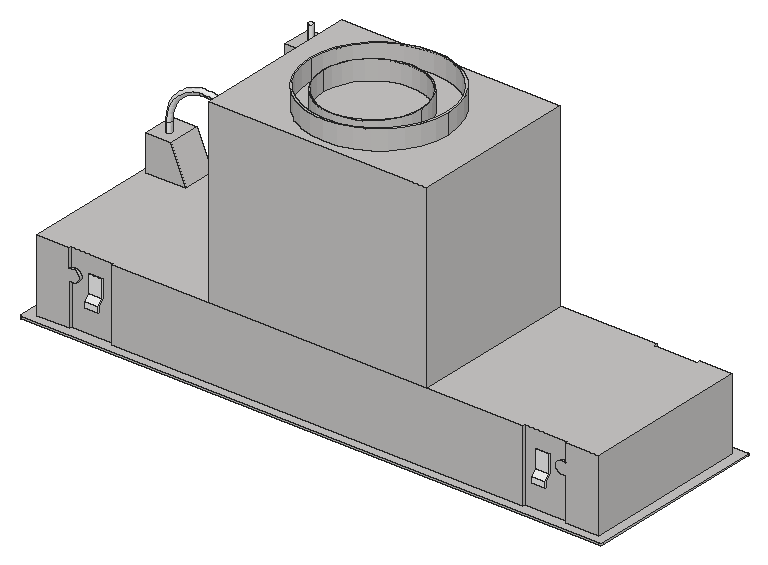
Revit family "FP_Revit_18_HPB3611-4_N_Rangehood_90000969B", category Specialty Equipment, Revit 2018
Family settings
  Round Connector Dimension = Use Diameter
  Part Type = Normal
  OmniClass Number = 23.40.40.00
  OmniClass Title = Food Service Equipment and Furnishings
  Work Plane-Based = No
  Always vertical = Yes
  Cut with Voids When Loaded = Yes
  Shared = No
  Room Calculation Point = No
Parameters
  Visibility - Clearance Required = yes
  URL = "www.fisherpaykel.com"
  Product - Width = 880 mm  # constant formula
  Product - Height = 412 mm  # constant formula
  Product - Depth = 280 mm  # constant formula
  Model = "HPB3611-4_N"
  Material - Glass = Fisher & Paykel - White Bezel
  Material - Body = Fisher & Paykel - Stainless Steel
  Manufacturer = "Fisher & Paykel Appliances"
  FFL Offset [instance] = 1565 mm
  Description = "36\" Integrated Insert Rangehood"
  Connector Description - Extraction = "210mm (8 1/4\") Outside diameter of ducting outlet, 400 CFM"
  Connector Description - Electrical = "120 V, 15 A, Fused electrical supply"
  Chassis - Width = 849 mm  # constant formula
  Chassis - Height = 380 mm  # constant formula
  Chassis - Depth = 252 mm  # constant formula
  Cavity - Width = 855 mm  # constant formula
  Cavity - Height = 390 mm  # constant formula
  Cavity - Depth = 255 mm  # constant formula
Reference planes
  plane 1 "Center (Front/Back)": y = 0
  plane 2: z = 0
  plane 3 "Center (Left/Right)": x = 0
  plane 4 "Product LHS": x = -440
  plane 5 "Product RHS": x = 440
  plane 6 "Product Front": y = -140
  plane 7 "Cavity LHS": x = -427.5
  plane 8 "Cavity RHS": x = 427.5
  plane 9 "Product Rear": y = 140
  plane 10 "Chassis LHS": x = -424.5
  plane 11 "Chassis RHS": x = 424.5
  plane 12 "Product - Height": z = 1974.5
  plane 13 "Chassis Front": y = -126
  plane 14 "Chassis Rear": y = 126
  plane 15 "Cavity Rear": y = 127.5
  plane 16 "Cavity Front": y = -127.5
  plane 17 "Cavity - Height": z = 1955
  plane 18 "FFL Offset": z = 1565
Forms (mm)
  Extrusion 1, solid, material "Fisher & Paykel - Stainless Steel" <- "Material - Body"
    sketch origin (0, 0, 0) x (1, 0, 0) y (0, 0, 1)
      loop
        line (-165, 1673.4) -> (165, 1673.4) -> (165, 1945) -> (-165, 1945) -> (-165, 1673.4)
    from -126 to 126
  Extrusion 2, solid, material "Fisher & Paykel - Stainless Steel" <- "Material - Body"
    sketch origin (0, 0, 0) x (1, 0, 0) y (0, 1, 0)
      loop
        circle (0.014, -10.004) r 104.998
      loop
        circle (0.014, -10.004) r 103
    from 1945 to 1974.5
  Extrusion 3, solid, material "Fisher & Paykel - Clearance Required", visible <- "Visibility - Clearance Required", detail levels coarse
    sketch origin (0, 0, 0) x (1, 0, 0) y (0, 1, 0)
      loop
        line (-427.5, 127.5) -> (-427.5, -127.5) -> (427.5, -127.5) -> (427.5, 127.5) -> (-427.5, 127.5)
    from 1565 to 1955
  Extrusion 4, solid, material "Fisher & Paykel - Clearance Required", visible <- "Visibility - Clearance Required", detail levels coarse
    sketch origin (0, 0, 0) x (1, 0, 0) y (0, 1, 0)
      loop
        circle (0.014, -10.004) r 110
    from 1955 to 1974.5
  Extrusion 5, void
    sketch origin (0, 0, 0) x (1, 0, 0) y (0, 1, 0)
      loop
        line (-427.5, 127.5) -> (-427.5, -127.5) -> (427.5, -127.5) -> (427.5, 127.5) -> (-427.5, 127.5)
    from 1565 to 1955
  Extrusion 6, void
    sketch origin (0, 0, 0) x (1, 0, 0) y (0, 1, 0)
      loop
        circle (0.014, -10.004) r 110
    from 1955 to 1974.5
  Extrusion 7, solid, material "Fisher & Paykel - Stainless Steel" <- "Material - Body"
    sketch origin (0, -13, 0) x (1, 0, 0) y (0, 1, 0)
      loop
        circle (0.014, -10.004) r 75
      loop
        circle (0.014, -10.004) r 74
    from 1945 to 1974.5
Text (mm)
  text "Due to ongoing product development, product details are subject to change without notice. \nPlease always refer to www.fisherpaykel.com for the most current product information. \n© Fisher & Paykel 2020" at (41.04, -1225.549, 0), in view "Ref. Level (Plan)"
Dimensions and locks
  equal spacing: plane 4 "Product LHS", plane 3 "Center (Left/Right)", plane 5 "Product RHS"
  "Product - Width": plane 4 "Product LHS" to plane 5 "Product RHS"
  equal spacing: plane 7 "Cavity LHS", plane 3 "Center (Left/Right)", plane 8 "Cavity RHS"
  "Cavity - Width": plane 7 "Cavity LHS" to plane 8 "Cavity RHS"
  equal spacing: plane 9 "Product Rear", plane 1 "Center (Front/Back)", plane 6 "Product Front"
  "Product - Depth": plane 9 "Product Rear" to plane 6 "Product Front"
  equal spacing: plane 10 "Chassis LHS", plane 3 "Center (Left/Right)", plane 11 "Chassis RHS"
  "Chassis - Width": plane 10 "Chassis LHS" to plane 11 "Chassis RHS"
  equal spacing: plane 14 "Chassis Rear", plane 1 "Center (Front/Back)", plane 13 "Chassis Front"
  "Chassis - Depth": plane 14 "Chassis Rear" to plane 13 "Chassis Front"
  equal spacing: plane 15 "Cavity Rear", plane 1 "Center (Front/Back)", plane 16 "Cavity Front"
  "Cavity - Depth": plane 15 "Cavity Rear" to plane 16 "Cavity Front"
  "FFL Offset": plane 18 "FFL Offset" to level
  locked: plane 12 "Product - Height" to plane 18 "FFL Offset" at 409.5
  "Cavity - Height": plane 17 "Cavity - Height" to plane 18 "FFL Offset"
  "Chassis - Height": Extrusion 1 to plane 18 "FFL Offset"
  locked: plane 18 "FFL Offset" to Extrusion 1 at 108.4
  locked: plane 18 "FFL Offset" to nested 1 at 2.5
  nested 1 to plane 12 "Product - Height" = 412 mm
  aligned and locked: level to plane 2
  aligned and locked: Extrusion 2 to plane 12 "Product - Height"
  aligned and locked: plane 14 "Chassis Rear" to Extrusion 1
  aligned and locked: Extrusion 1 to plane 13 "Chassis Front"
  aligned and locked: plane 8 "Cavity RHS" to Extrusion 3 sketch curve
  aligned and locked: plane 16 "Cavity Front" to Extrusion 3 sketch curve
  aligned and locked: Extrusion 3 sketch curve to plane 7 "Cavity LHS"
  aligned and locked: Extrusion 3 sketch curve to plane 15 "Cavity Rear"
  aligned and locked: Extrusion 3 to plane 17 "Cavity - Height"
  aligned and locked: Extrusion 4 to Extrusion 3
  aligned and locked: Extrusion 6 to Extrusion 5
  aligned and locked: Extrusion 2 to Extrusion 1
  aligned and locked: Extrusion 4 to Extrusion 2
  aligned and locked: plane 17 "Cavity - Height" to Extrusion 4
  aligned and locked: Extrusion 6 to Extrusion 3
  aligned and locked: Extrusion 6 to Extrusion 2
  aligned and locked: Extrusion 5 to Extrusion 3
  aligned and locked: Extrusion 5 to plane 18 "FFL Offset"
  aligned and locked: Extrusion 2 to Extrusion 7
  aligned and locked: Extrusion 7 to Extrusion 1
Automatic sketch dimensions
  plane 17 "Cavity - Height" to Extrusion 1 sketch curve = 10 mm
  Extrusion 1 sketch curve to plane 3 "Center (Left/Right)" = 165 mm
  plane 3 "Center (Left/Right)" to Extrusion 1 sketch curve = 165 mm
  plane 18 "FFL Offset" to Extrusion 1 sketch curve = 108.4 mm
  Extrusion 2 sketch curve to Extrusion 2 sketch curve = 0 mm  (x2)
  plane 3 "Center (Left/Right)" to Extrusion 2 sketch curve = 0.014 mm
  plane 1 "Center (Front/Back)" to Extrusion 2 sketch curve = 10.004 mm
  Extrusion 3 sketch curve to plane 8 "Cavity RHS" = 0 mm
  plane 3 "Center (Left/Right)" to Extrusion 4 sketch curve = 0.014 mm
  plane 1 "Center (Front/Back)" to Extrusion 4 sketch curve = 10.004 mm
  Extrusion 5 sketch curve to plane 7 "Cavity LHS" = 0 mm
  Extrusion 5 sketch curve to plane 8 "Cavity RHS" = 0 mm
  Extrusion 5 sketch curve to plane 16 "Cavity Front" = 0 mm
  Extrusion 5 sketch curve to plane 15 "Cavity Rear" = 0 mm
  plane 3 "Center (Left/Right)" to Extrusion 6 sketch curve = 0.014 mm
  plane 1 "Center (Front/Back)" to Extrusion 6 sketch curve = 10.004 mm
  Extrusion 7 sketch curve to Extrusion 7 sketch curve = 0 mm  (x2)
  plane 3 "Center (Left/Right)" to Extrusion 7 sketch curve = 0.014 mm
  plane 1 "Center (Front/Back)" to Extrusion 7 sketch curve = 23.004 mm
  radius of Extrusion 2 sketch curve = 104.998 mm
  radius of Extrusion 2 sketch curve = 103 mm
  radius of Extrusion 4 sketch curve = 110 mm
  radius of Extrusion 6 sketch curve = 110 mm
  radius of Extrusion 7 sketch curve = 75 mm
  radius of Extrusion 7 sketch curve = 74 mm
Nested families
  nested 1: "HPB3611-4" at (0, 0, 1565), type "HPB3611-4"
Connectors
  hvac at (0.014, -10.004, 1974.5), driven by "Connector Description - Extraction"
    settings: on Extrusion 2, index 2, duct flow 188.0 L/s, flow factor 0, pres drop 0.0 Pa, loss coef 0, conn angle 0.00°, conn width 304.8 mm, conn height 304.8 mm, conn diameter 210 mm, duct sys type 3, conn prof type 0, flow config 0, flow direction 2, loss method 0, conn ref index -1, conn util no, is conn primary yes, conn desc "210mm (8 1/4\") Outside diameter of ducting outlet, 400 CFM"
  electrical at (-185.55, 93, 1947.5), driven by "Connector Description - Electrical"
    settings: on nested 1, index 3, voltage 120 V, apparent load 0 VA, apparent load phase1 0 VA, apparent load phase2 0 VA, apparent load phase3 0 VA, power factor 1, load classification "Other", number of poles 1, system type 30, power factor state 1, is connector primary yes, connector utility no, sub classification motor no, connector description "120 V, 15 A, Fused electrical supply"
Definition of nested family "HPB3611-4"
  Parameters (values of type "HPB3611-4")
    Visibility - Clearance Required = yes
    URL = "www.fisherpaykel.com"
    Product - Width = 880 mm  # constant formula
    Product - Depth = 280 mm  # constant formula
    Model = "HPB 3611-4 N"
    Material - Glass = none
    Material - Body = none
    Manufacturer = ""
    Description = ""
    Chassis - Width = 849 mm  # constant formula
    Chassis - Depth = 252 mm  # constant formula
  Reference planes
    plane 1 "Center (Front/Back)": y = 0
    plane 2: z = 0
    plane 3 "Center (Left/Right)": x = 0
    plane 4 "Product LHS": x = -440
    plane 5 "Product RHS": x = 440
    plane 6 "Product Front": y = -140
    plane 7 "Product Rear": y = 140
    plane 8 "Chassis LHS": x = -424.5
    plane 9 "Chassis RHS": x = 424.5
    plane 10 "Chassis Front": y = -126
    plane 11 "Chassis Rear": y = 126
  Forms (mm)
    Extrusion 1, solid, material <- "Material - Body"
      sketch origin (0, 0, 0) x (1, 0, 0) y (0, 0, 1)
        loop
          line (-424.5, 0) -> (424.5, 0) -> (424.5, 108.4) -> (-424.5, 108.4) -> (-424.5, 0)
      from -126 to 126
    Extrusion 2, solid, material <- "Material - Body"
      sketch origin (0, 0, 0) x (1, 0, 0) y (0, 1, 0)
        loop
          line (436.5, 140) -> (-436.5, 140)
          arc (-436.5, 140) -> (-438.975, 138.975) -> (-440, 136.5) r 3.5
          line (-440, 136.5) -> (-440, -136.5)
          arc (-440, -136.5) -> (-438.975, -138.975) -> (-436.5, -140) r 3.5
          line (-436.5, -140) -> (436.5, -140)
          arc (436.5, -140) -> (438.975, -138.975) -> (440, -136.5) r 3.5
          line (440, -136.5) -> (440, 136.5)
          arc (440, 136.5) -> (438.975, 138.975) -> (436.5, 140) r 3.5
        loop
          line (420, 120) -> (-420, 120) -> (-420, -120) -> (420, -120) -> (420, 120)
      from -2.5 to 0
    Extrusion 3, void
      sketch origin (0, 0, 0) x (1, 0, 0) y (0, 0, 1)
        loop
          line (-375.67, 108.4) -> (-375.67, 81.59) -> (-368.92, 81.59)
          arc (-368.92, 81.59) -> (-359.92, 72.59) -> (-368.92, 63.59) r 9
          line (-368.92, 63.59) -> (-375.057, 63.59) -> (-375.057, 0) -> (-310.52, 0) -> (-310.52, 108.4) -> (-375.67, 108.4)
        loop
          line (375.67, 108.4) -> (310.52, 108.4) -> (310.52, 0) -> (375.057, 0) -> (375.057, 63.59) -> (368.92, 63.59)
          arc (368.92, 63.59) -> (359.92, 72.59) -> (368.92, 81.59) r 9
          line (368.92, 81.59) -> (375.67, 81.59) -> (375.67, 108.4)
      from 122 to 126
    Extrusion 4, void
      sketch origin (0, 0, 0) x (1, 0, 0) y (0, 0, -1)
        loop
          line (-375.67, -108.4) -> (-310.52, -108.4) -> (-310.52, 0) -> (-375.057, 0) -> (-375.057, -63.59) -> (-368.92, -63.59)
          arc (-368.92, -63.59) -> (-359.92, -72.59) -> (-368.92, -81.59) r 9
          line (-368.92, -81.59) -> (-375.67, -81.59) -> (-375.67, -108.4)
        loop
          line (375.67, -108.4) -> (375.67, -81.59) -> (368.92, -81.59)
          arc (368.92, -81.59) -> (359.92, -72.59) -> (368.92, -63.59) r 9
          line (368.92, -63.59) -> (375.057, -63.59) -> (375.057, 0) -> (310.52, 0) -> (310.52, -108.4) -> (375.67, -108.4)
      from 122 to 126
    Extrusion 5, solid, detail levels fine
      sketch origin (0, 0, 0) x (0, 1, 0) y (0, 0, 1)
        loop
          line (-131.082, 47.589) -> (-131.082, 39.32) -> (-129.882, 39.32) -> (-129.882, 47.095) -> (-122, 54.977) -> (-122, 82.186) -> (-123.2, 82.186) -> (-123.2, 55.471) -> (-131.082, 47.589)
      from -347.88 to -328
    Extrusion 6, void
      sketch origin (0, 0, 0) x (1, 0, 0) y (0, 0, 1)
        loop
          line (-420, -2.5) -> (420, -2.5) -> (420, 0) -> (377.4, 17.365) -> (-377.4, 17.365) -> (-420, 0) -> (-420, -2.5)
      from -120 to 120
    Extrusion 7, void
      sketch origin (0, 0, 0) x (0, 1, 0) y (0, 0, 1)
        loop
          line (120, 17.365) -> (106.782, 67.5) -> (-67.2, 67.5) -> (-67.2, 27) -> (-87.6, 27) -> (-87.6, 67.5) -> (-120, 67.5) -> (-120, 17.365) -> (120, 17.365)
      from -377.4 to 377.4
    Extrusion 8, solid, material <- "Material - Body", detail levels medium+fine
      sketch origin (0, 0, 0) x (1, 0, 0) y (0, 0, 1)
        loop
          line (351.267, 39.229) -> (325.673, 39.229) -> (325.673, 19.87) -> (351.267, 19.87) -> (351.267, 39.229)
        loop
          line (310.52, 39.229) -> (288.173, 39.229) -> (288.173, 19.87) -> (310.52, 19.87) -> (310.52, 39.229)
        loop
          line (276.267, 39.229) -> (250.673, 39.229) -> (250.673, 19.87) -> (276.267, 19.87) -> (276.267, 39.229)
        loop
          line (238.767, 39.229) -> (213.173, 39.229) -> (213.173, 19.87) -> (238.767, 19.87) -> (238.767, 39.229)
        loop
          line (201.267, 39.229) -> (175.673, 39.229) -> (175.673, 19.87) -> (201.267, 19.87) -> (201.267, 39.229)
        loop
          line (150.965, 39.229) -> (150.965, 19.87) -> (163.767, 19.87) -> (163.767, 39.229) -> (150.965, 39.229)
        loop
          line (150.585, 39.229) -> (137.793, 39.229) -> (137.793, 19.87) -> (150.585, 19.87) -> (150.585, 39.229)
        loop
          line (125.888, 39.229) -> (100.293, 39.229) -> (100.293, 19.87) -> (125.888, 19.87) -> (125.888, 39.229)
        loop
          line (88.388, 39.229) -> (62.793, 39.229) -> (62.793, 19.87) -> (88.388, 19.87) -> (88.388, 39.229)
        loop
          line (50.888, 39.229) -> (25.293, 39.229) -> (25.293, 19.87) -> (50.888, 19.87) -> (50.888, 39.229)
        loop
          line (12.797, 39.229) -> (-12.797, 39.229) -> (-12.797, 19.87) -> (12.797, 19.87) -> (12.797, 39.229)
        loop
          line (363.173, 39.229) -> (363.173, 19.87) -> (375.057, 19.87) -> (375.057, 39.229) -> (363.173, 39.229)
        loop
          line (-351.267, 39.229) -> (-351.267, 19.87) -> (-325.673, 19.87) -> (-325.673, 39.229) -> (-351.267, 39.229)
        loop
          line (-310.52, 39.229) -> (-310.52, 19.87) -> (-288.173, 19.87) -> (-288.173, 39.229) -> (-310.52, 39.229)
        loop
          line (-276.267, 39.229) -> (-276.267, 19.87) -> (-250.673, 19.87) -> (-250.673, 39.229) -> (-276.267, 39.229)
        loop
          line (-238.767, 39.229) -> (-238.767, 19.87) -> (-213.173, 19.87) -> (-213.173, 39.229) -> (-238.767, 39.229)
        loop
          line (-201.267, 39.229) -> (-201.267, 19.87) -> (-175.673, 19.87) -> (-175.673, 39.229) -> (-201.267, 39.229)
        loop
          line (-150.965, 39.229) -> (-163.767, 39.229) -> (-163.767, 19.87) -> (-150.965, 19.87) -> (-150.965, 39.229)
        loop
          line (-150.585, 39.229) -> (-150.585, 19.87) -> (-137.793, 19.87) -> (-137.793, 39.229) -> (-150.585, 39.229)
        loop
          line (-125.888, 39.229) -> (-125.888, 19.87) -> (-100.293, 19.87) -> (-100.293, 39.229) -> (-125.888, 39.229)
        loop
          line (-88.388, 39.229) -> (-88.388, 19.87) -> (-62.793, 19.87) -> (-62.793, 39.229) -> (-88.388, 39.229)
        loop
          line (-50.888, 39.229) -> (-50.888, 19.87) -> (-25.293, 19.87) -> (-25.293, 39.229) -> (-50.888, 39.229)
        loop
          line (-363.173, 39.229) -> (-375.057, 39.229) -> (-375.057, 19.87) -> (-363.173, 19.87) -> (-363.173, 39.229)
      from -97.693 to 67.2
    Extrusion 9, solid, material <- "Material - Body", detail levels medium+fine
      sketch origin (0, 0, 0) x (0, 1, 0) y (0, 0, 1)
        loop
          line (98.187, 39.229) -> (98.187, 19.333) -> (110.095, 16.053) -> (117.213, 19.87) -> (117.213, 25.663) -> (113.831, 39.229) -> (98.187, 39.229)
      from -375 to 375
    Extrusion 10, solid, material <- "Material - Body", detail levels fine
      sketch origin (0, 0, 0) x (1, 0, 0) y (0, 1, 0)
        loop
          circle (-263.124, 67.08) r 6
        loop
          circle (-263.124, -42.683) r 6
        loop
          circle (263.124, 67.08) r 6
        loop
          circle (263.124, -42.683) r 6
        loop
          circle (0, 67.08) r 6
        loop
          circle (0, -42.683) r 6
      from 13 to 19.87
    Extrusion 11, solid, material <- "Material - Body"
      sketch origin (0, 0, 0) x (1, 0, 0) y (0, 0, 1)
        loop
          line (-418.89, 108.4) -> (-357.99, 108.4) -> (-380.89, 161.6) -> (-418.89, 161.6) -> (-418.89, 108.4)
      from -122 to -72.477
    Extrusion 12, solid, material <- "Material - Body"
      sketch origin (0, 0, 0) x (1, 0, 0) y (0, 0, 1)
        loop
          line (-165, 357.5) -> (-206.1, 357.5) -> (-206.1, 237.5) -> (-165, 237.5) -> (-165, 357.5)
      from -115.5 to -70.5
    Sweep 13, solid, detail levels medium+fine
      path origin (0, 93, 0) x (1, 0, 0) y (0, 0, 1)
        loop
          line (-185.55, 382.5) -> (-185.55, 222.5)
          arc (-185.55, 222.5) -> (-230.405, 170.257) -> (-292.72, 199.55) r 56.86
          arc (-292.72, 199.55) -> (-355.583, 231.4) -> (-399.89, 176.6) r 56.042
          line (-399.89, 176.6) -> (-399.89, 161.6)
      profile origin (-185.55, 93, 302.5) x (0, -1, 0) y (1, 0, 0)
        loop
          circle (0, 0) r 4
    Extrusion 14, solid, detail levels fine
      sketch origin (0, 0, 0) x (0, 1, 0) y (0, 0, -1)
        loop
          line (-131.082, -47.589) -> (-123.2, -55.471) -> (-123.2, -82.186) -> (-122, -82.186) -> (-122, -54.977) -> (-129.882, -47.095) -> (-129.882, -39.32) -> (-131.082, -39.32) -> (-131.082, -47.589)
      from -347.88 to -328
    Extrusion 15, solid, detail levels fine
      sketch origin (0, 0, 0) x (0, -1, 0) y (0, 0, -1)
        loop
          line (-131.082, -47.589) -> (-123.2, -55.471) -> (-123.2, -82.186) -> (-122, -82.186) -> (-122, -54.977) -> (-129.882, -47.095) -> (-129.882, -39.32) -> (-131.082, -39.32) -> (-131.082, -47.589)
      from -347.88 to -328
    Extrusion 16, solid, detail levels fine
      sketch origin (0, 0, 0) x (0, -1, 0) y (0, 0, 1)
        loop
          line (-131.082, 47.589) -> (-131.082, 39.32) -> (-129.882, 39.32) -> (-129.882, 47.095) -> (-122, 54.977) -> (-122, 82.186) -> (-123.2, 82.186) -> (-123.2, 55.471) -> (-131.082, 47.589)
      from -347.88 to -328
    Extrusion 17, solid, material <- "Material - Glass", detail levels fine
      sketch origin (0, 0, 0) x (0, 1, 0) y (0, 0, 1)
        loop
          line (-120, 67.5) -> (-120, 27) -> (-87.6, 27) -> (-87.6, 67.5) -> (-120, 67.5)
      from -377.4 to 377.4
  Cuts and joins
    Extrusion 3, Extrusion 4, Extrusion 6, Extrusion 7 cuts Extrusion 1
    Extrusion 4 cuts Extrusion 2
  Text (mm)
    text "Due to ongoing product development, product details are subject to change without notice. \nPlease always refer to www.fisherpaykel.com for the most current product information. \n© Fisher & Paykel 2020" at (41.04, -1225.549, 0), in view "Ref. Level (Plan)"
  Dimensions and locks
    equal spacing: plane 4 "Product LHS", plane 3 "Center (Left/Right)", plane 5 "Product RHS"
    "Product - Width": plane 4 "Product LHS" to plane 5 "Product RHS"
    equal spacing: plane 7 "Product Rear", plane 1 "Center (Front/Back)", plane 6 "Product Front"
    "Product - Depth": plane 7 "Product Rear" to plane 6 "Product Front"
    equal spacing: plane 8 "Chassis LHS", plane 3 "Center (Left/Right)", plane 9 "Chassis RHS"
    "Chassis - Width": plane 8 "Chassis LHS" to plane 9 "Chassis RHS"
    Extrusion 8 to Extrusion 9 = 19.359 mm
    level to Extrusion 9 = 39.229 mm
    locked: level to cut or joined group of Extrusion 2, Extrusion 4 at 2.5
    cut or joined group of Extrusion 1, Extrusion 3, Extrusion 4, Extrusion 6, Extrusion 7 to level = 108.4 mm
    locked: Extrusion 11 to cut or joined group of Extrusion 1, Extrusion 3, Extrusion 4, Extrusion 6, Extrusion 7 at 53.2
    equal spacing: plane 11 "Chassis Rear", plane 1 "Center (Front/Back)", plane 10 "Chassis Front"
    "Chassis - Depth": plane 11 "Chassis Rear" to plane 10 "Chassis Front"
    aligned and locked: level to plane 2
    aligned and locked: plane 8 "Chassis LHS" to Extrusion 1 sketch curve
    aligned and locked: Extrusion 1 sketch curve to plane 9 "Chassis RHS"
    aligned and locked: level to Extrusion 1 sketch curve
    aligned and locked: plane 7 "Product Rear" to Extrusion 2 sketch curve
    aligned and locked: plane 4 "Product LHS" to Extrusion 2 sketch curve
    aligned and locked: Extrusion 2 sketch curve to plane 6 "Product Front"
    aligned and locked: Extrusion 2 sketch curve to plane 5 "Product RHS"
    aligned and locked: Extrusion 10 to Extrusion 8
    aligned and locked: Extrusion 1 to Extrusion 4
    aligned and locked: Extrusion 1 to Extrusion 3
    aligned and locked: plane 11 "Chassis Rear" to Extrusion 1
    aligned and locked: Extrusion 1 to plane 10 "Chassis Front"
    aligned and locked: Extrusion 1 to plane 8 "Chassis LHS"
    aligned and locked: plane 9 "Chassis RHS" to Extrusion 1
  Automatic sketch dimensions
    level to Extrusion 1 sketch curve = 108.4 mm
    Extrusion 3 sketch curve to level = 0 mm  (x2)
    plane 8 "Chassis LHS" to Extrusion 3 sketch curve = 48.83 mm
    plane 8 "Chassis LHS" to Extrusion 3 sketch curve = 49.443 mm
    Extrusion 3 sketch curve to Extrusion 3 sketch curve = 6.75 mm  (x2)
    Extrusion 3 sketch curve to Extrusion 3 sketch curve = 58.4 mm
    Extrusion 3 sketch curve to plane 9 "Chassis RHS" = 113.98 mm
    Extrusion 3 sketch curve to plane 9 "Chassis RHS" = 55.58 mm
    Extrusion 3 sketch curve to plane 9 "Chassis RHS" = 49.443 mm
    level to Extrusion 3 sketch curve = 63.59 mm  (x2)
    Extrusion 3 sketch curve to Extrusion 3 sketch curve = 9 mm  (x2)
    Extrusion 3 sketch curve to Extrusion 3 sketch curve = 26.81 mm  (x2)
    Extrusion 4 sketch curve to level = 0 mm  (x2)
    plane 8 "Chassis LHS" to Extrusion 4 sketch curve = 48.83 mm
    plane 8 "Chassis LHS" to Extrusion 4 sketch curve = 49.443 mm
    Extrusion 4 sketch curve to Extrusion 4 sketch curve = 6.75 mm  (x2)
    Extrusion 4 sketch curve to Extrusion 4 sketch curve = 58.4 mm
    Extrusion 4 sketch curve to plane 9 "Chassis RHS" = 113.98 mm
    Extrusion 4 sketch curve to plane 9 "Chassis RHS" = 55.58 mm
    Extrusion 4 sketch curve to plane 9 "Chassis RHS" = 49.443 mm
    level to Extrusion 4 sketch curve = 63.59 mm  (x2)
    Extrusion 4 sketch curve to Extrusion 4 sketch curve = 9 mm  (x2)
    Extrusion 4 sketch curve to Extrusion 4 sketch curve = 26.81 mm  (x2)
    Extrusion 5 sketch curve to Extrusion 5 sketch curve = 1.2 mm  (x2)
    plane 10 "Chassis Front" to Extrusion 5 sketch curve = 2.8 mm
    level to Extrusion 5 sketch curve = 39.32 mm
    Extrusion 5 sketch curve to Extrusion 5 sketch curve = 7.775 mm
    Extrusion 5 sketch curve to Extrusion 5 sketch curve = 0.494 mm  (x2)
    Extrusion 5 sketch curve to Extrusion 5 sketch curve = 7.882 mm
    Extrusion 5 sketch curve to Extrusion 5 sketch curve = 26.715 mm
    Extrusion 6 sketch curve to level = 0 mm  (x2)
    plane 8 "Chassis LHS" to Extrusion 6 sketch curve = 4.5 mm
    level to Extrusion 6 sketch curve = 17.365 mm
    Extrusion 6 sketch curve to Extrusion 6 sketch curve = 42.6 mm
    Extrusion 6 sketch curve to plane 9 "Chassis RHS" = 47.1 mm
    Extrusion 6 sketch curve to plane 9 "Chassis RHS" = 4.5 mm
    Extrusion 6 sketch curve to level = 2.5 mm
    level to Extrusion 8 sketch curve = 19.87 mm  (x4)
    plane 8 "Chassis LHS" to Extrusion 8 sketch curve = 49.443 mm
    Extrusion 8 sketch curve to Extrusion 8 sketch curve = 11.884 mm  (x2)
    Extrusion 8 sketch curve to Extrusion 8 sketch curve = 11.905 mm  (x16)
    Extrusion 8 sketch curve to Extrusion 8 sketch curve = 25.595 mm  (x13)
    Extrusion 8 sketch curve to Extrusion 8 sketch curve = 15.153 mm  (x2)
    Extrusion 8 sketch curve to Extrusion 8 sketch curve = 22.347 mm  (x2)
    Extrusion 8 sketch curve to Extrusion 8 sketch curve = 12.802 mm  (x2)
    Extrusion 8 sketch curve to Extrusion 8 sketch curve = 0.38 mm  (x2)
    Extrusion 8 sketch curve to Extrusion 8 sketch curve = 12.792 mm  (x2)
    Extrusion 8 sketch curve to plane 3 "Center (Left/Right)" = 25.293 mm
    Extrusion 8 sketch curve to Extrusion 8 sketch curve = 12.496 mm  (x2)
    plane 3 "Center (Left/Right)" to Extrusion 8 sketch curve = 12.797 mm
    Extrusion 8 sketch curve to Extrusion 8 sketch curve = 0 mm  (x38)
    Extrusion 8 sketch curve to Extrusion 8 sketch curve = 19.359 mm  (x4)
    Extrusion 9 sketch curve to plane 11 "Chassis Rear" = 27.813 mm
    Extrusion 9 sketch curve to Extrusion 9 sketch curve = 11.908 mm
    Extrusion 9 sketch curve to plane 11 "Chassis Rear" = 12.169 mm
    Extrusion 9 sketch curve to plane 11 "Chassis Rear" = 8.787 mm
    level to Extrusion 9 sketch curve = 16.053 mm
    Extrusion 9 sketch curve to Extrusion 9 sketch curve = 3.28 mm
    Extrusion 9 sketch curve to Extrusion 9 sketch curve = 3.817 mm
    Extrusion 9 sketch curve to Extrusion 9 sketch curve = 5.794 mm
    Extrusion 9 sketch curve to Extrusion 9 sketch curve = 13.565 mm
    Extrusion 10 sketch curve to plane 3 "Center (Left/Right)" = 0 mm  (x2)
    Extrusion 10 sketch curve to plane 11 "Chassis Rear" = 58.92 mm  (x3)
    plane 8 "Chassis LHS" to Extrusion 10 sketch curve = 161.376 mm
    plane 1 "Center (Front/Back)" to Extrusion 10 sketch curve = 42.683 mm  (x3)
    Extrusion 10 sketch curve to Extrusion 10 sketch curve = 0 mm  (x2)
    Extrusion 10 sketch curve to plane 9 "Chassis RHS" = 161.376 mm
    plane 8 "Chassis LHS" to Extrusion 11 sketch curve = 5.61 mm
    Extrusion 11 sketch curve to Extrusion 11 sketch curve = 38 mm
    Extrusion 11 sketch curve to Extrusion 11 sketch curve = 22.9 mm
    level to Extrusion 11 sketch curve = 108.4 mm
    Extrusion 11 sketch curve to Extrusion 11 sketch curve = 53.2 mm
    Extrusion 12 sketch curve to plane 3 "Center (Left/Right)" = 206.1 mm
    Extrusion 12 sketch curve to Extrusion 12 sketch curve = 41.1 mm
    Extrusion 12 sketch curve to Extrusion 12 sketch curve = 120 mm
    Sweep 13 sketch curve to profile plane = 0 mm
    profile plane to Sweep 13 sketch curve = 0 mm
    Extrusion 14 sketch curve to Extrusion 14 sketch curve = 1.2 mm  (x2)
    plane 10 "Chassis Front" to Extrusion 14 sketch curve = 2.8 mm
    level to Extrusion 14 sketch curve = 82.186 mm
    Extrusion 14 sketch curve to Extrusion 14 sketch curve = 26.715 mm
    Extrusion 14 sketch curve to Extrusion 14 sketch curve = 0.494 mm  (x2)
    Extrusion 14 sketch curve to Extrusion 14 sketch curve = 7.882 mm
    Extrusion 14 sketch curve to Extrusion 14 sketch curve = 7.775 mm
    Extrusion 15 sketch curve to Extrusion 15 sketch curve = 1.2 mm  (x2)
    plane 11 "Chassis Rear" to Extrusion 15 sketch curve = 2.8 mm
    Extrusion 15 sketch curve to level = 39.32 mm
    Extrusion 15 sketch curve to Extrusion 15 sketch curve = 7.775 mm
    Extrusion 15 sketch curve to Extrusion 15 sketch curve = 0.494 mm  (x2)
    Extrusion 15 sketch curve to Extrusion 15 sketch curve = 7.882 mm
    Extrusion 15 sketch curve to Extrusion 15 sketch curve = 26.715 mm
    Extrusion 16 sketch curve to Extrusion 16 sketch curve = 1.2 mm  (x2)
    Extrusion 16 sketch curve to plane 11 "Chassis Rear" = 2.8 mm
    level to Extrusion 16 sketch curve = 39.32 mm
    Extrusion 16 sketch curve to Extrusion 16 sketch curve = 7.775 mm
    Extrusion 16 sketch curve to Extrusion 16 sketch curve = 0.494 mm  (x2)
    Extrusion 16 sketch curve to Extrusion 16 sketch curve = 7.882 mm
    Extrusion 16 sketch curve to Extrusion 16 sketch curve = 26.715 mm
    plane 8 "Chassis LHS" to Sweep 13 sketch curve = 24.61 mm
    Sweep 13 sketch curve to Sweep 13 sketch curve = 56.042 mm
    Sweep 13 sketch curve to Sweep 13 sketch curve = 101.537 mm
    Sweep 13 sketch curve to Sweep 13 sketch curve = 56.761 mm
    level to Sweep 13 sketch curve = 176.6 mm
    Sweep 13 sketch curve to Sweep 13 sketch curve = 3.357 mm
    Sweep 13 sketch curve to Sweep 13 sketch curve = 15 mm
    plane 10 "Chassis Front" to Extrusion 17 sketch curve = 6 mm
    Extrusion 17 sketch curve to Extrusion 17 sketch curve = 32.4 mm
    level to Extrusion 17 sketch curve = 27 mm
    Extrusion 17 sketch curve to Extrusion 17 sketch curve = 40.5 mm
    Extrusion 7 sketch curve to plane 11 "Chassis Rear" = 19.218 mm
    Extrusion 7 sketch curve to plane 11 "Chassis Rear" = 6 mm
    level to Extrusion 7 sketch curve = 17.365 mm
    Extrusion 7 sketch curve to Extrusion 7 sketch curve = 9.635 mm
    plane 10 "Chassis Front" to Extrusion 7 sketch curve = 6 mm
    Extrusion 7 sketch curve to Extrusion 7 sketch curve = 20.4 mm
    Extrusion 7 sketch curve to Extrusion 7 sketch curve = 50.135 mm
    Extrusion 7 sketch curve to Extrusion 7 sketch curve = 32.4 mm
    Extrusion 7 sketch curve to Extrusion 7 sketch curve = 0 mm
    Extrusion 2 sketch curve to plane 4 "Product LHS" = 3.5 mm
    Extrusion 2 sketch curve to Extrusion 2 sketch curve = 3.5 mm
    plane 8 "Chassis LHS" to Extrusion 2 sketch curve = 4.5 mm
    plane 9 "Chassis RHS" to Extrusion 2 sketch curve = 12 mm
    Extrusion 2 sketch curve to plane 9 "Chassis RHS" = 4.5 mm
    plane 10 "Chassis Front" to Extrusion 2 sketch curve = 6 mm
    Extrusion 2 sketch curve to plane 11 "Chassis Rear" = 6 mm
    plane 5 "Product RHS" to Extrusion 2 sketch curve = 3.5 mm
    level to Extrusion 12 sketch curve = 237.5 mm
    Sweep 13 sketch curve to Sweep 13 sketch curve = 45.9 mm
    Sweep 13 sketch curve to Sweep 13 sketch curve = 160 mm
    Extrusion 5 sketch curve to plane 10 "Chassis Front" = 3.882 mm
    Extrusion 14 sketch curve to plane 10 "Chassis Front" = 3.882 mm
    Extrusion 15 sketch curve to plane 11 "Chassis Rear" = 3.882 mm
    plane 11 "Chassis Rear" to Extrusion 16 sketch curve = 3.882 mm
    radius of Extrusion 10 sketch curve = 6 mm  (x6)
    radius of Sweep 13 sketch curve = 4 mm
